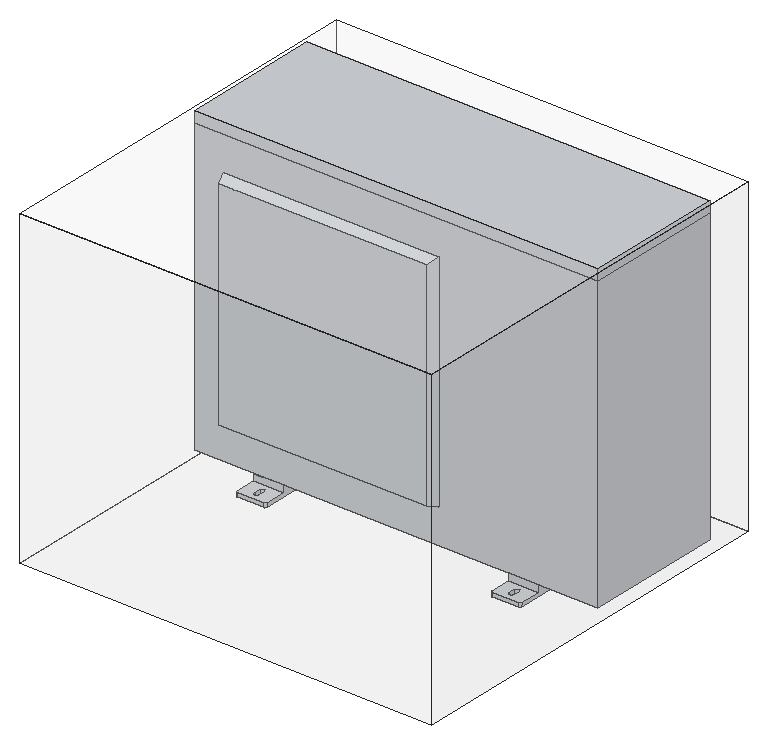
Revit family "puz-ermp80(s)ha_280ka11_60Hz", category 機械設備, Revit 2019
Family settings
  丸型コネクタ寸法 = 直径を使用
  パーツ タイプ = 標準
  OmniClass 番号 = 23.75.10.24.21.27.27
  OmniClass タイトル = Split System Air Conditioning Units
  作業面ベース = いいえ
  常に垂直 = はい
  ロード時にボイドで切り取り = いいえ
  共有 = いいえ
  部屋計算ポイント = いいえ
Parameters (values of type "PUZ-ERMP80SHA11")
  音響パワーレベル（冷）(dB) = 68
  音響パワーレベル(dB) = 70
  電源種別 = ""
  電源位置Y = 2 mm
  電源位置Z = 459 mm
  電源位置X = 275 mm
  電圧 = 200 V
  電動機出力_送風機 = 0.06 kW
  電動機出力_圧縮機 = 1.6 kW
  集中コントローラ [instance] = ""
  運転質量 = 0.00 kg
  運転方法 = "冷暖切替"
  質量 = if(製品質量 > 運転質量, 製品質量, 運転質量) * 1.2  # 70.80 kg
  負荷分類 = 1_熱源類
  説明 = "空冷H/P PAC インバータ室外機"
  設計暖房能力 [instance] = 0 kW
  設計冷房能力_顕熱 [instance] = 0 kW
  設計冷房能力 [instance] = 0 kW
  設置方法 = "床置形"
  記号 [instance] = ""
  製造元 = "三菱電機株式会社"
  製品質量 = 59.00 kg
  製品出荷対象 = "国内"
  製品リリース年月 = "2021年5月10日"
  製品グループ = ""
  系統 [instance] = ""
  符号 = "PAC"
  積算_科目 = "1 空気調和設備"
  積算_拾い区分 [instance] = ""
  相 = 1
  盤記号 [instance] = ""
  発停方法 = "付属スイッチ"
  特殊仕様 [instance] = ""
  消費電力_暖房 = 2.01 kW
  消費電力_冷房 = 1.98 kW
  消費電力 = if(消費電力_冷房 > 消費電力_暖房, 消費電力_冷房, 消費電力_暖房)  # 2.01 kW
  法定耐用年数 = "6"
  構成品番 = "PUZ-ERMP80SHA"
  極数 = 1
  材質 [instance] = ""
  本体マテリアル = none
  最小電線太さ_mm2 = 1.6
  最大電流値 = 0 A
  暖房能力 = 8 kW
  推奨ブレーカー容量 = 30 A
  据付ピッチ1 = 0 mm
  形式 = "パッケージ形 室外機"
  形名 = PUZ-ERMP-2 : PUZ-EREMP80
  幹線記号 [instance] = ""
  始動方式 = "インバータ始動方式"
  呼称 = "パッケージ形空気調和機_室外機"
  周波数 = 60 Hz
  価格 = 668000
  ドレン　位置Z = 23 mm
  ドレン　位置Y = 111 mm
  ドレン　位置X = 30 mm
  アンカーボルト位置Y = 370 mm
  アンカーボルト位置X = 600 mm
  参照している仕様書等のバージョン = "公共建築物標準仕様書（機械設備工事編）平成31年度版"
  分類コード = "50053003126100"
  分類グループ = ""
  冷房能力 = 7.1 kW
  冷媒管（ガス）位置X = 434 mm
  冷媒管（液）位置X = 377 mm
  冷媒管（液）位置Y = 290 mm
  冷媒管（ガス）位置Y = 229 mm
  冷媒管長 [instance] = 0 mm
  冷媒管径符号 = "Bd"
  冷媒管径 = 100.00 mm
  冷媒管位置Z = 295 mm
  冷媒管位置Y = (冷媒管（液）位置Y + 冷媒管（ガス）位置Y) / 2  # 259.5 mm
  冷媒管位置X = (冷媒管（液）位置X + 冷媒管（ガス）位置X) / 2  # 405.5 mm
  冷媒液管径 = 9.52 mm
  冷媒ガス管径 = 15.88 mm
  企業コード = "108420"
  付属品 [instance] = ""
  仕様書バージョン = "Version1.0"
  ユニット数 = 1
  ユニット3 = no
  ユニット2 = yes
  Model = ""
  ドレン管径 = 33.00 mm
  サービススペース = yes
  コメント [instance] = ""
  ケーブル種類1 = ""
  Width = 950 mm
  Version = ""
  Uniclass2015Version = "Systems v1.9"
  Uniclass2015Title = "Split coil remote air cooled condensing units"
  Uniclass2015Code = "Pr_70_65_03_84"
  URL = "https://www.mitsubishielectric.co.jp/ldg/wink/ssl/displayProduct.do?pid=311347"
  SpecificationReference = ""
  SpecificationDescription = ""
  Revision = ""
  ProductInformation = ""
  OmniClassCode = "23-33 17 13 11"
  IfcTypeProduct = ""
  IfcProduct = ""
  IfcExportType = "AIRCONDITIONINGUNIT"
  IfcExportAs = "IfcUnitaryEquipmentType"
  Height = 740 mm
  Depth = 330 mm
  Clearance Top = 0 mm
  Clearance Right = 10 mm
  Clearance Left = 10 mm
  Clearance Front = 500 mm
  Clearance Bottom = 0 mm
  Clearance Back = 100 mm
  COP = 0
  Author = "三菱電機株式会社"
  APF = 0
Reference planes
  plane 1 "中心(正面/背面)": y = 74
  plane 2: z = 0
  plane 3 "中心(左/右)": x = 830
  plane 4 "右": x = 1305
  plane 5 "左": x = 355
  plane 6 "背面": y = 239
  plane 7 "正面": y = -91
  plane 8 "上部": z = 740
  plane 9 "Clearanse Top": z = 740
  plane 10 "SS_back": y = 339
  plane 11 "SS_front": y = -591
  plane 12 "SS_left": x = 345
  plane 13 "SS_right": x = 1315
  plane 14: z = 0
  plane 15: y = -89
  plane 16: x = 1105
  plane 17: z = 459
  plane 18: y = -87
  plane 19: y = -20.5
  plane 20: x = 1235.5
  plane 21: z = 295
  plane 22: z = 297
  plane 23: y = 128
  plane 24: x = 385
  plane 25: z = 25
  plane 26: z = 23
  plane 27: x = 530
  plane 28: x = 1130
  plane 29: y = 259
  plane 30: y = -111
Forms (mm)
  Extrusion 1, solid, detail levels fine
    sketch origin (0, -91, 0) x (1, 0, 0) y (0, 0, 1)
      loop
        circle (1105, 459) r 13.5
    from -4 to -2
  Extrusion 2, solid, detail levels fine
    sketch origin (-1437.329, -1524, 54) x (-1, 0, 0) y (0, -1, 0)
      loop
        circle (-2672.829, -1503.5) r 50
    from 241 to 243
  Extrusion 3, solid, detail levels fine
    sketch origin (-1437.329, -1524, 54) x (-1, 0, 0) y (0, -1, 0)
      loop
        circle (-1822.329, -1652) r 16.5
    from -31 to -29
Lines and regions (mm)
  model lines, not visible
    curve 1: line (460, 178.667, 1289.179) -> (460, 297.73, 1289.179)
    curve 2: line (460, 178.667, 1056.056) -> (460, 178.667, 1289.179)
    curve 3: line (460, 297.73, 1056.056) -> (460, 178.667, 1056.056)
    curve 4: line (460, 297.73, 1289.179) -> (460, 297.73, 1056.056)
    curve 5: line (460, 47.598, 1289.179) -> (460, 166.661, 1289.179)
    curve 6: line (460, 47.598, 1056.056) -> (460, 47.598, 1289.179)
    curve 7: line (460, 166.661, 1056.056) -> (460, 47.598, 1056.056)
    curve 8: line (460, 166.661, 1289.179) -> (460, 166.661, 1056.056)
    curve 9: line (460, -83.471, 1289.179) -> (460, 35.592, 1289.179)
    curve 10: line (460, -83.471, 1056.056) -> (460, -83.471, 1289.179)
    curve 11: line (460, 35.592, 1056.056) -> (460, -83.471, 1056.056)
    curve 12: line (460, 35.592, 1289.179) -> (460, 35.592, 1056.056)
    curve 13: line (460, -150.779, 1289.179) -> (460, -95.75, 1289.179)
    curve 14: line (460, -150.779, 1056.056) -> (460, -150.779, 1289.179)
    curve 15: line (460, -95.75, 1056.056) -> (460, -150.779, 1056.056)
    curve 16: line (460, -95.75, 1289.179) -> (460, -95.75, 1056.056)
    curve 17: line (460, -150.779, 1283.175) -> (460, -132.596, 1283.175)
    curve 18: line (460, -150.779, 1062.059) -> (460, -150.779, 1283.175)
    curve 19: line (460, -132.596, 1062.059) -> (460, -150.779, 1062.059)
    curve 20: line (460, -132.596, 1283.175) -> (460, -132.596, 1062.059)
    curve 21: line (460, 178.667, 1046.051) -> (460, 297.73, 1046.051)
    curve 22: line (460, 178.667, 812.928) -> (460, 178.667, 1046.051)
    curve 23: line (460, 297.73, 812.928) -> (460, 178.667, 812.928)
    curve 24: line (460, 297.73, 1046.051) -> (460, 297.73, 812.928)
    curve 25: line (460, 47.598, 1046.051) -> (460, 166.661, 1046.051)
    curve 26: line (460, 47.598, 812.928) -> (460, 47.598, 1046.051)
    curve 27: line (460, 166.661, 812.928) -> (460, 47.598, 812.928)
    curve 28: line (460, 166.661, 1046.051) -> (460, 166.661, 812.928)
    curve 29: line (460, -83.471, 1046.051) -> (460, 35.592, 1046.051)
    curve 30: line (460, -83.471, 812.928) -> (460, -83.471, 1046.051)
    curve 31: line (460, 35.592, 812.928) -> (460, -83.471, 812.928)
    curve 32: line (460, 35.592, 1046.051) -> (460, 35.592, 812.928)
    curve 33: line (460, -150.779, 1046.051) -> (460, -95.75, 1046.051)
    curve 34: line (460, -150.779, 812.928) -> (460, -150.779, 1046.051)
    curve 35: line (460, -95.75, 812.928) -> (460, -150.779, 812.928)
    curve 36: line (460, -95.75, 1046.051) -> (460, -95.75, 812.928)
    curve 37: line (460, -150.779, 1040.048) -> (460, -132.596, 1040.048)
    curve 38: line (460, -150.779, 818.931) -> (460, -150.779, 1040.048)
    curve 39: line (460, -132.596, 818.931) -> (460, -150.779, 818.931)
    curve 40: line (460, -132.596, 1040.048) -> (460, -132.596, 818.931)
    curve 41: line (460, 178.667, 802.923) -> (460, 297.73, 802.923)
    curve 42: line (460, 178.667, 569.8) -> (460, 178.667, 802.923)
    curve 43: line (460, 297.73, 569.8) -> (460, 178.667, 569.8)
    curve 44: line (460, 297.73, 802.923) -> (460, 297.73, 569.8)
    curve 45: line (460, 47.598, 802.923) -> (460, 166.661, 802.923)
    curve 46: line (460, 47.598, 569.8) -> (460, 47.598, 802.923)
    curve 47: line (460, 166.661, 569.8) -> (460, 47.598, 569.8)
    curve 48: line (460, 166.661, 802.923) -> (460, 166.661, 569.8)
    curve 49: line (460, -83.471, 802.923) -> (460, 35.592, 802.923)
    curve 50: line (460, -83.471, 569.8) -> (460, -83.471, 802.923)
    curve 51: line (460, 35.592, 569.8) -> (460, -83.471, 569.8)
    curve 52: line (460, 35.592, 802.923) -> (460, 35.592, 569.8)
    curve 53: line (460, -150.779, 802.923) -> (460, -95.75, 802.923)
    curve 54: line (460, -150.779, 569.8) -> (460, -150.779, 802.923)
    curve 55: line (460, -95.75, 569.8) -> (460, -150.779, 569.8)
    curve 56: line (460, -95.75, 802.923) -> (460, -95.75, 569.8)
    curve 57: line (460, -150.779, 796.92) -> (460, -132.596, 796.92)
    curve 58: line (460, -150.779, 575.803) -> (460, -150.779, 796.92)
    curve 59: line (460, -132.596, 575.803) -> (460, -150.779, 575.803)
    curve 60: line (460, -132.596, 796.92) -> (460, -132.596, 575.803)
    curve 61: line (460, 178.667, 559.795) -> (460, 297.73, 559.795)
    curve 62: line (460, 178.667, 326.672) -> (460, 178.667, 559.795)
    curve 63: line (460, 297.73, 326.672) -> (460, 178.667, 326.672)
    curve 64: line (460, 297.73, 559.795) -> (460, 297.73, 326.672)
    curve 65: line (460, 47.598, 559.795) -> (460, 166.661, 559.795)
    curve 66: line (460, 47.598, 326.672) -> (460, 47.598, 559.795)
    curve 67: line (460, 166.661, 326.672) -> (460, 47.598, 326.672)
    curve 68: line (460, 166.661, 559.795) -> (460, 166.661, 326.672)
    curve 69: line (460, -83.471, 559.795) -> (460, 35.592, 559.795)
    curve 70: line (460, -83.471, 326.672) -> (460, -83.471, 559.795)
    curve 71: line (460, 35.592, 326.672) -> (460, -83.471, 326.672)
    curve 72: line (460, 35.592, 559.795) -> (460, 35.592, 326.672)
    curve 73: line (460, -150.779, 559.795) -> (460, -95.75, 559.795)
    curve 74: line (460, -150.779, 326.672) -> (460, -150.779, 559.795)
    curve 75: line (460, -95.75, 326.672) -> (460, -150.779, 326.672)
    curve 76: line (460, -95.75, 559.795) -> (460, -95.75, 326.672)
    curve 77: line (460, -150.779, 553.792) -> (460, -132.596, 553.792)
    curve 78: line (460, -150.779, 332.675) -> (460, -150.779, 553.792)
    curve 79: line (460, -132.596, 332.675) -> (460, -150.779, 332.675)
    curve 80: line (460, -132.596, 553.792) -> (460, -132.596, 332.675)
    curve 81: line (460, 178.667, 316.667) -> (460, 297.73, 316.667)
    curve 82: line (460, 178.667, 83.544) -> (460, 178.667, 316.667)
    curve 83: line (460, 297.73, 83.544) -> (460, 178.667, 83.544)
    curve 84: line (460, 297.73, 316.667) -> (460, 297.73, 83.544)
    curve 85: line (460, 47.598, 316.667) -> (460, 166.661, 316.667)
    curve 86: line (460, 47.598, 83.544) -> (460, 47.598, 316.667)
    curve 87: line (460, 166.661, 83.544) -> (460, 47.598, 83.544)
    curve 88: line (460, 166.661, 316.667) -> (460, 166.661, 83.544)
    curve 89: line (460, -83.471, 316.667) -> (460, 35.592, 316.667)
    curve 90: line (460, -83.471, 83.544) -> (460, -83.471, 316.667)
    curve 91: line (460, 35.592, 83.544) -> (460, -83.471, 83.544)
    curve 92: line (460, 35.592, 316.667) -> (460, 35.592, 83.544)
    curve 93: line (460, -150.779, 316.667) -> (460, -95.75, 316.667)
    curve 94: line (460, -150.779, 83.544) -> (460, -150.779, 316.667)
    curve 95: line (460, -95.75, 83.544) -> (460, -150.779, 83.544)
    curve 96: line (460, -95.75, 316.667) -> (460, -95.75, 83.544)
    curve 97: line (460, -150.779, 310.664) -> (460, -132.596, 310.664)
    curve 98: line (460, -150.779, 89.547) -> (460, -150.779, 310.664)
    curve 99: line (460, -132.596, 89.547) -> (460, -150.779, 89.547)
    curve 100: line (460, -132.596, 310.664) -> (460, -132.596, 89.547)
Dimensions and locks
  equal spacing: plane 7 "正面", plane 1 "中心(正面/背面)", plane 6 "背面"
  "Depth": plane 7 "正面" to plane 6 "背面"
  "Width": plane 5 "左" to plane 4 "右"
  equal spacing: plane 5 "左", plane 3 "中心(左/右)", plane 4 "右"
  "Clearance Left": plane 12 "SS_left" to plane 5 "左"
  "Clearance Right": plane 4 "右" to plane 13 "SS_right"
  "Clearance Back": plane 6 "背面" to plane 10 "SS_back"
  "Clearance Front": plane 11 "SS_front" to plane 7 "正面"
  "Height": plane 8 "上部" to level
  "Clearance Top": plane 9 "Clearanse Top" to plane 8 "上部"
  "Clearance Bottom": level to plane 14
  "電源位置X": plane 3 "中心(左/右)" to plane 16
  "電源位置Y": plane 7 "正面" to plane 15
  "電源位置Z": plane 17 to level
  locked: plane 15 to plane 18 at 2
  "冷媒管位置X": plane 3 "中心(左/右)" to plane 20
  "冷媒管位置Y": plane 19 to plane 6 "背面"
  "冷媒管位置Z": plane 21 to level
  locked: plane 22 to plane 21 at 2
  "ドレン　位置X": plane 5 "左" to plane 24
  "ドレン　位置Y": plane 23 to plane 6 "背面"
  locked: plane 25 to plane 26 at 2
  "ドレン　位置Z": plane 26 to level
  equal spacing: plane 30, plane 1 "中心(正面/背面)", plane 29
  "アンカーボルト位置Y": plane 30 to plane 29
  equal spacing: plane 27, plane 3 "中心(左/右)", plane 28
  "アンカーボルト位置X": plane 27 to plane 28
  radius of Extrusion 1 sketch curve = 13.5 mm
  "冷媒管径": diameter of Extrusion 2 sketch curve
  "ドレン管径": diameter of Extrusion 3 sketch curve
  aligned and locked: level to plane 2
  aligned and locked: plane 10 "SS_back" to nested 1  (x2)
  aligned and locked: plane 13 "SS_right" to nested 1
  aligned and locked: plane 12 "SS_left" to nested 1  (x2)
  aligned and locked: nested 1 to plane 13 "SS_right"
  aligned and locked: plane 11 "SS_front" to nested 1
  aligned and locked: plane 9 "Clearanse Top" to nested 1
  aligned and locked: plane 1 "中心(正面/背面)" to nested 2
  aligned and locked: plane 3 "中心(左/右)" to nested 2
  aligned and locked: plane 14 to nested 1
  aligned and locked: plane 17 to Extrusion 1 sketch curve
  aligned and locked: plane 16 to Extrusion 1 sketch curve
  aligned and locked: Extrusion 1 to plane 18
  aligned and locked: plane 15 to Extrusion 1
  aligned and locked: plane 19 to Extrusion 2 sketch curve
  aligned and locked: plane 20 to Extrusion 2 sketch curve
  aligned and locked: plane 22 to Extrusion 2
  aligned and locked: Extrusion 2 to plane 21
  aligned and locked: plane 24 to Extrusion 3 sketch curve
  aligned and locked: plane 23 to Extrusion 3 sketch curve
  aligned and locked: plane 25 to Extrusion 3
  aligned and locked: Extrusion 3 to plane 26
  aligned and locked: plane 27 to nested 3
  aligned and locked: plane 29 to nested 3
Nested families
  nested 1: "サービススペース" at (830, -126, 370), visible <- "サービススペース", type "サービススペース"
    with Width 970 mm, Height 740 mm, Depth 930 mm
  nested 2: "PUZ-ERMP-2" at (830, 74, 0), type <- "形名", type "PUZ-EREMP80"
  nested 3: "固定点" at (530, -111, 0), type "固定点"
    with W 600 mm, D 370 mm
Connectors
  piping at (1235.5, -20.5, 295), diameter 100, driven by "冷媒管径", driven by "冷媒管径符号"
    settings: on Extrusion 2, index 1, connector inside diameter 609.60 mm, connector length 0 mm, flow factor 0, pipe flow 0.0 L/s, pressure drop 0.0 Pa, fitting loss kfactor 0, connector angle 0.00°, fixture units 0, engagement length 0 mm, angle of deflection 0.00°, flow configuration 1, flow direction 2, fitting loss method 4, system type 7, joint type 0, gender type 0, connector reference index -1, connector utility 0, adjustable connector no, is connector primary yes, connector description "Bd"
  electrical at (1105, -89, 459), driven by "極数", driven by "負荷分類", driven by "電圧", driven by "消費電力"
    settings: on Extrusion 1, index 2, voltage 200 V, apparent load 2010 VA, apparent load phase1 0 VA, apparent load phase2 0 VA, apparent load phase3 0 VA, power factor 1, load classification "1_熱源類", number of poles 1, system type 30, power factor state 1, is connector primary yes, connector utility no, sub classification motor no, connector description ""
Definition of nested family "サービススペース"
  Parameters (values of type "サービススペース")
    Width [instance] = 500 mm
    Height [instance] = 500 mm
    Depth [instance] = 500 mm
  Reference planes
    plane 1 "中心(正面/背面)": y = 0
    plane 2: z = 0
    plane 3 "中心(左/右)": x = 0
    plane 4: y = -250
    plane 5: x = 250
    plane 6: y = 250
    plane 7: x = -250
    plane 8: z = 250
    plane 9: z = -250
  Forms (mm)
    Extrusion 1, solid
      sketch origin (-638.939, 0, 72.39) x (1, 0, 0) y (0, 1, 0)
        loop
          line (388.939, 250) -> (388.939, -250) -> (888.939, -250) -> (888.939, 250) -> (388.939, 250)
      from -322.39 to 177.61
  Lines and regions (mm)
    symbolic lines
      curve 1: line (-250, 0, 250) -> (250, 0, 250)
      curve 2: line (-250, 0, -250) -> (-250, 0, 250)
      curve 3: line (250, 0, -250) -> (-250, 0, -250)
      curve 4: line (250, 0, 250) -> (250, 0, -250)
      curve 5: line (0, -250, 250) -> (0, 250, 250)
      curve 6: line (0, -250, -250) -> (0, -250, 250)
      curve 7: line (0, 250, -250) -> (0, -250, -250)
      curve 8: line (0, 250, 250) -> (0, 250, -250)
      curve 9: line (-250, 250, 0) -> (250, 250, 0)
      curve 10: line (-250, -250, 0) -> (-250, 250, 0)
      curve 11: line (250, -250, 0) -> (-250, -250, 0)
      curve 12: line (250, 250, 0) -> (250, -250, 0)
  Dimensions and locks
    equal spacing: plane 7, plane 3 "中心(左/右)", plane 5
    equal spacing: plane 4, plane 1 "中心(正面/背面)", plane 6
    "Depth": plane 4 to plane 6
    "Width": plane 7 to plane 5
    equal spacing: plane 8, plane 2, plane 9
    "Height": plane 8 to plane 9
    aligned and locked: plane 9 to curve 3
    aligned and locked: plane 7 to curve 2
    aligned and locked: curve 4 to plane 5
    aligned and locked: plane 5 to Extrusion 1
    aligned and locked: Extrusion 1 to plane 7
    aligned and locked: Extrusion 1 to plane 9
    aligned and locked: plane 8 to Extrusion 1
    aligned and locked: plane 9 to curve 7
  Automatic sketch dimensions
    plane 4 to Extrusion 1 sketch curve = 0 mm
    Extrusion 1 sketch curve to plane 7 = 0 mm
    Extrusion 1 sketch curve to plane 5 = 0 mm
    plane 6 to Extrusion 1 sketch curve = 0 mm
    curve 2 to plane 8 = 0 mm
    plane 4 to curve 11 = 0 mm
    curve 11 to plane 7 = 0 mm
    curve 11 to plane 5 = 0 mm
    plane 6 to curve 10 = 0 mm
    curve 7 to plane 4 = 0 mm
    curve 7 to plane 6 = 0 mm
    curve 6 to plane 8 = 0 mm
Definition of nested family "PUZ-ERMP-2"
  Parameters (values of type "PUZ-EREMP80")
    配線取出口サイズ = 27 mm
    配線取出口-Z = 459 mm
    配線取出口-Y = 325 mm
    配線取出口-X = 275 mm
    液配管サイズ = 100 mm
    高さ = 740 mm
    換気-W = 322 mm
    換気-H2 = 632 mm
    換気-H1 = 371 mm
    換気-D = 25 mm
    奥行き = 330 mm
    吊りボルト_H = 0 mm
    吊りボルト-φ = 12 mm
    冷媒配管サイズ = 9.52 mm
    冷媒液管径-Z = 295 mm
    冷媒液管径-Y = 290 mm
    冷媒液管径-X = 377 mm
    冷媒ガス管径-Z = 281 mm
    冷媒ガス管径-Y = 229 mm
    冷媒ガス管径-X = 434 mm
    吊りボルト-W = 600 mm
    マテリアル = none
    ドレン配管サイズ = 33 mm
    ドレン管径-Z = 0 mm
    ドレン管径-Y = 219 mm
    ドレン管径-X = 445 mm
    タイプ3 = no
    タイプ2 = yes
    タイプ1 = no
    ガス配管サイズ = 15.88 mm
    吊りボルト-D = 370 mm
    幅さ = 950 mm
    a = 幅さ / 2  # 475 mm
  Reference planes
    plane 1 "中心(正面/背面)": y = 0
    plane 2: z = 0
    plane 3 "中心(左/右)": x = 0
    plane 4: z = 740
    plane 5: x = -475
    plane 6: x = 475
    plane 7: y = 165
    plane 8: y = -165
    plane 9: x = 537
    plane 10: y = -105
    plane 11: y = 5
    plane 12: z = 715
    plane 13: x = -495
    plane 14: x = -300
    plane 15: x = 300
    plane 16: y = 185
    plane 17: y = -185
    plane 18: x = 335
    plane 19: x = 265
    plane 20: x = -265
    plane 21: x = -335
    plane 22: y = 204
    plane 23: y = -218
    plane 24: z = 8.5
    plane 25: z = 25
    plane 26: z = 23
    plane 27: x = -185
    plane 28: x = 170
    plane 29: z = 735
    plane 30: y = -40
    plane 31: y = 40
    plane 32: y = -30
    plane 33: y = 30
    plane 34: z = 720
    plane 35: z = 55
    plane 36: z = 225
    plane 37: z = 570
    plane 38: x = 485
    plane 39: x = 506
    plane 40: y = -190
    plane 41: x = -153
    plane 42: z = 371
    plane 43: x = 101
    plane 44: x = -407
    plane 45: z = 635
    plane 46: z = 107
    plane 47: x = -397
    plane 48: x = 91
    plane 49: z = 625
    plane 50: z = 117
    plane 51: y = 115
    plane 52: y = -115
    plane 53: y = 54
    plane 54: x = 434
    plane 55: x = 275
    plane 56: y = -160
    plane 57: y = -125
    plane 58: y = -64
    plane 59: x = 377
    plane 60: z = 281
    plane 61: z = 295
    plane 62: z = 459
    plane 63: y = -110
    plane 64: z = 381
    plane 65: z = 395
    plane 66: x = 405.5
    plane 67: y = -94.5
    plane 68 "グループ": x = -475
    plane 69: z = 1338
    plane 70: z = 943
    plane 71: z = 1003
    plane 72: z = 1267
    plane 73: z = 739
    plane 74: z = 1257
    plane 75: z = 749
    plane 76: x = -445
    plane 77: y = 135
    plane 78: x = -225
    plane 79: x = -80
    plane 80: x = 65
    plane 81: x = 210
  Forms (mm)
    Extrusion 1, solid, visible <- "タイプ2", detail levels fine
      sketch origin (-1437.329, -1524, 740) x (-1, 0, 0) y (0, -1, 0)
        loop
          line (-1102.329, -1689) -> (-1102.329, -1359) -> (-1172.329, -1359) -> (-1172.329, -1689) -> (-1102.329, -1689)
        loop
          line (-1702.329, -1689) -> (-1702.329, -1359) -> (-1772.329, -1359) -> (-1772.329, -1689) -> (-1702.329, -1689)
      from -740 to -715
    Extrusion 2, solid, material <- "マテリアル", visible <- "タイプ2", detail levels fine
      sketch origin (-1437.329, -1524, 740) x (-1, 0, 0) y (0, -1, 0)
        loop
          line (-1912.329, -1689) -> (-962.329, -1689) -> (-962.329, -1359) -> (-1912.329, -1359) -> (-1912.329, -1689)
      from -715 to -25
    Extrusion 3, solid, material <- "マテリアル", visible <- "タイプ2", detail levels fine
      sketch origin (-1437.329, -1524, 740) x (-1, 0, 0) y (0, -1, 0)
        loop
          line (-962.329, -1689) -> (-962.329, -1359) -> (-1912.329, -1359) -> (-1912.329, -1689) -> (-962.329, -1689)
      from -25 to 0
    Blend 4, solid, material <- "マテリアル", visible <- "タイプ2", detail levels fine
      base sketch origin (0, 0, 0) x (1, 0, 0) y (0, 0, 1)
        loop
          line (-407, 635) -> (-407, 107) -> (101, 107) -> (101, 635) -> (-407, 635)
      top sketch origin (0, 0, 0) x (1, 0, 0) y (0, 0, 1)
        loop
          line (-397, 625) -> (-397, 117) -> (91, 117) -> (91, 625) -> (-397, 625)
      from 165 to 190
    Extrusion 5, solid, material <- "マテリアル", visible <- "タイプ2", detail levels fine
      sketch origin (-1437.329, -1524, 740) x (-1, 0, 0) y (0, -1, 0)
        loop
          circle (-1871.329, -1460) r 7.94
      from -459 to -359
    Extrusion 6, solid, material <- "マテリアル", visible <- "タイプ2", detail levels fine
      sketch origin (-1437.329, -1524, 740) x (-1, 0, 0) y (0, -1, 0)
        loop
          circle (-1814.329, -1399) r 4.76
      from -445 to -345
    Extrusion 7, solid, material <- "マテリアル", visible <- "タイプ2", detail levels fine
      sketch origin (1480.036, -190, 1200) x (1, 0, 0) y (0, 0, 1)
        loop
          circle (-1205.036, -741) r 13.5
      from -80 to -30
    Extrusion 8, solid, material <- "マテリアル", visible <- "タイプ2", detail levels fine
      sketch origin (-1437.329, -1524, 740) x (-1, 0, 0) y (0, -1, 0)
        loop
          circle (-1842.829, -1429.5) r 50
      from -445 to -345
    Extrusion 9, solid, visible <- "タイプ2", detail levels fine
      sketch origin (-1437.329, -1524, 740) x (-1, 0, 0) y (0, -1, 0)
        loop
          line (-1102.329, -1728) -> (-1102.329, -1689) -> (-1172.329, -1689) -> (-1172.329, -1728) -> (-1143.329, -1728) -> (-1143.329, -1709)
          arc (-1143.329, -1709) -> (-1137.329, -1703) -> (-1131.329, -1709) r 6
          line (-1131.329, -1709) -> (-1131.329, -1728) -> (-1102.329, -1728)
        loop
          line (-1102.329, -1359) -> (-1102.329, -1311)
          arc (-1102.329, -1311) -> (-1103.794, -1307.464) -> (-1107.329, -1306) r 5
          line (-1107.329, -1306) -> (-1167.329, -1306)
          arc (-1167.329, -1306) -> (-1170.865, -1307.464) -> (-1172.329, -1311) r 5
          line (-1172.329, -1311) -> (-1172.329, -1359) -> (-1102.329, -1359)
        loop
          arc (-1143.329, -1339) -> (-1137.329, -1345) -> (-1131.329, -1339) r 6
          line (-1131.329, -1339) -> (-1131.329, -1324)
          arc (-1131.329, -1324) -> (-1137.329, -1318) -> (-1143.329, -1324) r 6
          line (-1143.329, -1324) -> (-1143.329, -1339)
        loop
          line (-1772.329, -1728) -> (-1743.329, -1728) -> (-1743.329, -1709)
          arc (-1743.329, -1709) -> (-1737.329, -1703) -> (-1731.329, -1709) r 6
          line (-1731.329, -1709) -> (-1731.329, -1728) -> (-1702.329, -1728) -> (-1702.329, -1689) -> (-1772.329, -1689) -> (-1772.329, -1728)
        loop
          line (-1772.329, -1359) -> (-1702.329, -1359) -> (-1702.329, -1311)
          arc (-1702.329, -1311) -> (-1703.794, -1307.464) -> (-1707.329, -1306) r 5
          line (-1707.329, -1306) -> (-1767.329, -1306)
          arc (-1767.329, -1306) -> (-1770.865, -1307.464) -> (-1772.329, -1311) r 5
          line (-1772.329, -1311) -> (-1772.329, -1359)
        loop
          line (-1731.329, -1339) -> (-1731.329, -1324)
          arc (-1731.329, -1324) -> (-1737.329, -1318) -> (-1743.329, -1324) r 6
          line (-1743.329, -1324) -> (-1743.329, -1339)
          arc (-1743.329, -1339) -> (-1737.329, -1345) -> (-1731.329, -1339) r 6
      from -740 to -731.5
    Extrusion 10, solid, material <- "マテリアル", visible <- "タイプ2", detail levels fine
      sketch origin (-1437.329, -1524, 740) x (-1, 0, 0) y (0, -1, 0)
        loop
          circle (-992.329, -1578) r 16.5
        loop
          circle (-1212.329, -1659) r 16.5
        loop
          circle (-1357.329, -1659) r 16.5
        loop
          circle (-1502.329, -1659) r 16.5
        loop
          circle (-1647.329, -1659) r 16.5
      from -717 to -715
  Cuts and joins
    joined: Extrusion 1, Extrusion 9
  Lines and regions (mm)
    Masking region 1, visible <- "タイプ2", detail levels coarse+medium
      outline origin (-1437.329, -1524, 740) x (-1, 0, 0) y (0, -1, 0)
        loop
          line (-1912.329, -1689) -> (-1772.329, -1689) -> (-1772.329, -1728) -> (-1702.329, -1728) -> (-1702.329, -1689) -> (-1172.329, -1689) -> (-1172.329, -1728) -> (-1102.329, -1728) -> (-1102.329, -1689) -> (-962.329, -1689) -> (-962.329, -1359) -> (-1030.329, -1359) -> (-1040.329, -1334) -> (-1102.329, -1334) -> (-1102.329, -1306) -> (-1172.329, -1306) -> (-1172.329, -1334) -> (-1528.329, -1334) -> (-1538.329, -1359) -> (-1702.329, -1359) -> (-1702.329, -1306) -> (-1772.329, -1306) -> (-1772.329, -1359) -> (-1912.329, -1359) -> (-1912.329, -1689)
    model lines, visible <- "タイプ2", detail levels fine
      curve 1: line (-397, -190, 418.5) -> (91, -190, 418.5)
      curve 2: line (91, -190, 323.5) -> (-397, -190, 323.5)
      curve 3: line (-397, -190, 513.5) -> (91, -190, 513.5)
      curve 4: line (-397, -190, 608.5) -> (91, -190, 608.5)
      curve 5: line (91, -190, 228.5) -> (-397, -190, 228.5)
      curve 6: line (91, -190, 133.5) -> (-397, -190, 133.5)
      curve 7: line (-379.571, -190, 625) -> (-379.571, -190, 117)
      curve 8: line (73.571, -190, 117) -> (73.571, -190, 625)
      curve 9: line (-362.143, -190, 625) -> (-362.143, -190, 117)
      curve 10: line (-344.714, -190, 625) -> (-344.714, -190, 117)
      curve 11: line (-327.286, -190, 625) -> (-327.286, -190, 117)
      curve 12: line (-309.857, -190, 625) -> (-309.857, -190, 117)
      curve 13: line (-292.429, -190, 625) -> (-292.429, -190, 117)
      curve 14: line (-275, -190, 625) -> (-275, -190, 117)
      curve 15: line (-257.571, -190, 625) -> (-257.571, -190, 117)
      curve 16: line (-240.143, -190, 625) -> (-240.143, -190, 117)
      curve 17: line (-222.714, -190, 625) -> (-222.714, -190, 117)
      curve 18: line (-205.286, -190, 625) -> (-205.286, -190, 117)
      curve 19: line (-187.857, -190, 625) -> (-187.857, -190, 117)
      curve 20: line (-170.429, -190, 625) -> (-170.429, -190, 117)
      curve 21: line (-153, -190, 625) -> (-153, -190, 117)
      curve 22: line (-135.571, -190, 625) -> (-135.571, -190, 117)
      curve 23: line (-118.143, -190, 625) -> (-118.143, -190, 117)
      curve 24: line (-100.714, -190, 625) -> (-100.714, -190, 117)
      curve 25: line (-83.286, -190, 625) -> (-83.286, -190, 117)
      curve 26: line (-65.857, -190, 625) -> (-65.857, -190, 117)
      curve 27: line (-48.429, -190, 625) -> (-48.429, -190, 117)
      curve 28: line (-31, -190, 625) -> (-31, -190, 117)
      curve 29: line (-13.571, -190, 625) -> (-13.571, -190, 117)
      curve 30: line (3.857, -190, 625) -> (3.857, -190, 117)
      curve 31: line (21.286, -190, 625) -> (21.286, -190, 117)
      curve 32: line (38.714, -190, 625) -> (38.714, -190, 117)
      curve 33: line (56.143, -190, 625) -> (56.143, -190, 117)
    model lines, visible <- "タイプ3", not visible
      curve 34: line (-404.5, -100, 907) -> (-404.5, -60, 907)
      curve 35: line (-404.5, -100, 1097) -> (-404.5, -100, 907)
      curve 36: line (-404.5, -60, 1097) -> (-404.5, -100, 1097)
      curve 37: line (-404.5, -60, 907) -> (-404.5, -60, 1097)
      curve 38: line (-404.5, 60, 907) -> (-404.5, 100, 907)
      curve 39: line (-404.5, 60, 1097) -> (-404.5, 60, 907)
      curve 40: line (-404.5, 100, 1097) -> (-404.5, 60, 1097)
      curve 41: line (-404.5, 100, 907) -> (-404.5, 100, 1097)
      curve 42: line (-404.5, -46.667, 907) -> (-404.5, -6.667, 907)
      curve 43: line (-404.5, -46.667, 1097) -> (-404.5, -46.667, 907)
      curve 44: line (-404.5, -6.667, 1097) -> (-404.5, -46.667, 1097)
      curve 45: line (-404.5, -6.667, 907) -> (-404.5, -6.667, 1097)
      curve 46: line (-404.5, 6.667, 907) -> (-404.5, 46.667, 907)
      curve 47: line (-404.5, 6.667, 1097) -> (-404.5, 6.667, 907)
      curve 48: line (-404.5, 46.667, 1097) -> (-404.5, 6.667, 1097)
      curve 49: line (-404.5, 46.667, 907) -> (-404.5, 46.667, 1097)
      curve 50: line (-404.5, -100, 1112) -> (-404.5, -60, 1112)
      curve 51: line (-404.5, -100, 1302) -> (-404.5, -100, 1112)
      curve 52: line (-404.5, -60, 1302) -> (-404.5, -100, 1302)
      curve 53: line (-404.5, -60, 1112) -> (-404.5, -60, 1302)
      curve 54: line (-404.5, 60, 1112) -> (-404.5, 100, 1112)
      curve 55: line (-404.5, 60, 1302) -> (-404.5, 60, 1112)
      curve 56: line (-404.5, 100, 1302) -> (-404.5, 60, 1302)
      curve 57: line (-404.5, 100, 1112) -> (-404.5, 100, 1302)
      curve 58: line (-404.5, -46.667, 1112) -> (-404.5, -6.667, 1112)
      curve 59: line (-404.5, -46.667, 1302) -> (-404.5, -46.667, 1112)
      curve 60: line (-404.5, -6.667, 1302) -> (-404.5, -46.667, 1302)
      curve 61: line (-404.5, -6.667, 1112) -> (-404.5, -6.667, 1302)
      curve 62: line (-404.5, 6.667, 1112) -> (-404.5, 46.667, 1112)
      curve 63: line (-404.5, 6.667, 1302) -> (-404.5, 6.667, 1112)
      curve 64: line (-404.5, 46.667, 1302) -> (-404.5, 6.667, 1302)
      curve 65: line (-404.5, 46.667, 1112) -> (-404.5, 46.667, 1302)
    model lines, visible <- "タイプ2", not visible
      curve 66: line (-600, -100, 33.5) -> (-600, -60, 33.5)
      curve 67: line (-600, -100, 73.5) -> (-600, -100, 33.5)
      curve 68: line (-600, -60, 73.5) -> (-600, -100, 73.5)
      curve 69: line (-600, -60, 33.5) -> (-600, -60, 73.5)
      curve 70: line (-600, 60, 33.5) -> (-600, 100, 33.5)
      curve 71: line (-600, 60, 73.5) -> (-600, 60, 33.5)
      curve 72: line (-600, 100, 73.5) -> (-600, 60, 73.5)
      curve 73: line (-600, 100, 33.5) -> (-600, 100, 73.5)
      curve 74: line (-509, -46.667, 33.5) -> (-509, -6.667, 33.5)
      curve 75: line (-509, -46.667, 73.5) -> (-509, -46.667, 33.5)
      curve 76: line (-509, -6.667, 73.5) -> (-509, -46.667, 73.5)
      curve 77: line (-509, -6.667, 33.5) -> (-509, -6.667, 73.5)
      curve 78: line (-509, 6.667, 33.5) -> (-509, 46.667, 33.5)
      curve 79: line (-509, 6.667, 73.5) -> (-509, 6.667, 33.5)
      curve 80: line (-509, 46.667, 73.5) -> (-509, 6.667, 73.5)
      curve 81: line (-509, 46.667, 33.5) -> (-509, 46.667, 73.5)
    model lines, visible <- "タイプ2", not visible, detail levels fine
      curve 82: line (-475, -100, 87) -> (-475, -60, 87)
      curve 83: line (-475, -100, 277) -> (-475, -100, 87)
      curve 84: line (-475, -60, 277) -> (-475, -100, 277)
      curve 85: line (-475, -60, 87) -> (-475, -60, 277)
      curve 86: line (-475, -100, 292) -> (-475, -60, 292)
      curve 87: line (-475, -100, 482) -> (-475, -100, 292)
      curve 88: line (-475, -60, 482) -> (-475, -100, 482)
      curve 89: line (-475, -60, 292) -> (-475, -60, 482)
      curve 90: line (-475, -100, 497) -> (-475, -60, 497)
      curve 91: line (-475, -100, 687) -> (-475, -100, 497)
      curve 92: line (-475, -60, 687) -> (-475, -100, 687)
      curve 93: line (-475, -60, 497) -> (-475, -60, 687)
      curve 94: line (-475, -100, 702) -> (-475, -60, 702)
      curve 95: line (-475, -100, 892) -> (-475, -100, 702)
      curve 96: line (-475, -60, 892) -> (-475, -100, 892)
      curve 97: line (-475, -60, 702) -> (-475, -60, 892)
      curve 98: line (-475, 60, 87) -> (-475, 100, 87)
      curve 99: line (-475, 60, 277) -> (-475, 60, 87)
      curve 100: line (-475, 100, 277) -> (-475, 60, 277)
      curve 101: line (-475, 100, 87) -> (-475, 100, 277)
      curve 102: line (-475, -46.667, 87) -> (-475, -6.667, 87)
      curve 103: line (-475, -46.667, 277) -> (-475, -46.667, 87)
      curve 104: line (-475, -6.667, 277) -> (-475, -46.667, 277)
      curve 105: line (-475, -6.667, 87) -> (-475, -6.667, 277)
      curve 106: line (-475, 6.667, 87) -> (-475, 46.667, 87)
      curve 107: line (-475, 6.667, 277) -> (-475, 6.667, 87)
      curve 108: line (-475, 46.667, 277) -> (-475, 6.667, 277)
      curve 109: line (-475, 46.667, 87) -> (-475, 46.667, 277)
      curve 110: line (-475, 60, 292) -> (-475, 100, 292)
      curve 111: line (-475, 60, 482) -> (-475, 60, 292)
      curve 112: line (-475, 100, 482) -> (-475, 60, 482)
      curve 113: line (-475, 100, 292) -> (-475, 100, 482)
      curve 114: line (-475, 60, 702) -> (-475, 100, 702)
      curve 115: line (-475, 60, 892) -> (-475, 60, 702)
      curve 116: line (-475, 100, 892) -> (-475, 60, 892)
      curve 117: line (-475, 100, 702) -> (-475, 100, 892)
      curve 118: line (-475, -46.667, 292) -> (-475, -6.667, 292)
      curve 119: line (-475, -46.667, 482) -> (-475, -46.667, 292)
      curve 120: line (-475, -6.667, 482) -> (-475, -46.667, 482)
      curve 121: line (-475, -6.667, 292) -> (-475, -6.667, 482)
      curve 122: line (-475, -46.667, 497) -> (-475, -6.667, 497)
      curve 123: line (-475, -46.667, 687) -> (-475, -46.667, 497)
      curve 124: line (-475, -6.667, 687) -> (-475, -46.667, 687)
      curve 125: line (-475, -6.667, 497) -> (-475, -6.667, 687)
      curve 126: line (-475, -46.667, 702) -> (-475, -6.667, 702)
      curve 127: line (-475, -46.667, 892) -> (-475, -46.667, 702)
      curve 128: line (-475, -6.667, 892) -> (-475, -46.667, 892)
      curve 129: line (-475, -6.667, 702) -> (-475, -6.667, 892)
      curve 130: line (-475, 6.667, 292) -> (-475, 46.667, 292)
      curve 131: line (-475, 6.667, 482) -> (-475, 6.667, 292)
      curve 132: line (-475, 46.667, 482) -> (-475, 6.667, 482)
      curve 133: line (-475, 46.667, 292) -> (-475, 46.667, 482)
      curve 134: line (-475, 6.667, 497) -> (-475, 46.667, 497)
      curve 135: line (-475, 6.667, 687) -> (-475, 6.667, 497)
      curve 136: line (-475, 46.667, 687) -> (-475, 6.667, 687)
      curve 137: line (-475, 46.667, 497) -> (-475, 46.667, 687)
      curve 138: line (-475, 6.667, 702) -> (-475, 46.667, 702)
      curve 139: line (-475, 6.667, 892) -> (-475, 6.667, 702)
      curve 140: line (-475, 46.667, 892) -> (-475, 6.667, 892)
      curve 141: line (-475, 46.667, 702) -> (-475, 46.667, 892)
      curve 175: line (-475, -100, 33.5) -> (-475, -60, 33.5)
      curve 176: line (-475, -100, 73.5) -> (-475, -100, 33.5)
      curve 177: line (-475, -60, 73.5) -> (-475, -100, 73.5)
      curve 178: line (-475, -60, 33.5) -> (-475, -60, 73.5)
      curve 179: line (-475, 60, 33.5) -> (-475, 100, 33.5)
      curve 180: line (-475, 60, 73.5) -> (-475, 60, 33.5)
      curve 181: line (-475, 100, 73.5) -> (-475, 60, 73.5)
      curve 182: line (-475, 100, 33.5) -> (-475, 100, 73.5)
      curve 183: line (-475, -46.667, 33.5) -> (-475, -6.667, 33.5)
      curve 184: line (-475, -46.667, 73.5) -> (-475, -46.667, 33.5)
      curve 185: line (-475, -6.667, 73.5) -> (-475, -46.667, 73.5)
      curve 186: line (-475, -6.667, 33.5) -> (-475, -6.667, 73.5)
      curve 187: line (-475, 6.667, 33.5) -> (-475, 46.667, 33.5)
      curve 188: line (-475, 6.667, 73.5) -> (-475, 6.667, 33.5)
      curve 189: line (-475, 46.667, 73.5) -> (-475, 6.667, 73.5)
      curve 190: line (-475, 46.667, 33.5) -> (-475, 46.667, 73.5)
    model lines, not visible
      curve 142: line (-338.5, -173.2, 372.5) -> (149.5, -173.2, 372.5)
      curve 143: line (149.5, -173.2, 277.5) -> (-338.5, -173.2, 277.5)
      curve 144: line (-338.5, -173.2, 467.5) -> (149.5, -173.2, 467.5)
      curve 145: line (-338.5, -173.2, 562.5) -> (149.5, -173.2, 562.5)
      curve 146: line (149.5, -173.2, 182.5) -> (-338.5, -173.2, 182.5)
      curve 147: line (149.5, -173.2, 87.5) -> (-338.5, -173.2, 87.5)
      curve 148: line (-321.071, -173.2, 579) -> (-321.071, -173.2, 71)
      curve 149: line (132.071, -173.2, 71) -> (132.071, -173.2, 579)
      curve 150: line (-303.643, -173.2, 579) -> (-303.643, -173.2, 71)
      curve 151: line (-286.214, -173.2, 579) -> (-286.214, -173.2, 71)
      curve 152: line (-268.786, -173.2, 579) -> (-268.786, -173.2, 71)
      curve 153: line (-251.357, -173.2, 579) -> (-251.357, -173.2, 71)
      curve 154: line (-233.929, -173.2, 579) -> (-233.929, -173.2, 71)
      curve 155: line (-216.5, -173.2, 579) -> (-216.5, -173.2, 71)
      curve 156: line (-199.071, -173.2, 579) -> (-199.071, -173.2, 71)
      curve 157: line (-181.643, -173.2, 579) -> (-181.643, -173.2, 71)
      curve 158: line (-164.214, -173.2, 579) -> (-164.214, -173.2, 71)
      curve 159: line (-146.786, -173.2, 579) -> (-146.786, -173.2, 71)
      curve 160: line (-129.357, -173.2, 579) -> (-129.357, -173.2, 71)
      curve 161: line (-111.929, -173.2, 579) -> (-111.929, -173.2, 71)
      curve 162: line (-94.5, -173.2, 579) -> (-94.5, -173.2, 71)
      curve 163: line (-77.071, -173.2, 579) -> (-77.071, -173.2, 71)
      curve 164: line (-59.643, -173.2, 579) -> (-59.643, -173.2, 71)
      curve 165: line (-42.214, -173.2, 579) -> (-42.214, -173.2, 71)
      curve 166: line (-24.786, -173.2, 579) -> (-24.786, -173.2, 71)
      curve 167: line (-7.357, -173.2, 579) -> (-7.357, -173.2, 71)
      curve 168: line (10.071, -173.2, 579) -> (10.071, -173.2, 71)
      curve 169: line (27.5, -173.2, 579) -> (27.5, -173.2, 71)
      curve 170: line (44.929, -173.2, 579) -> (44.929, -173.2, 71)
      curve 171: line (62.357, -173.2, 579) -> (62.357, -173.2, 71)
      curve 172: line (79.786, -173.2, 579) -> (79.786, -173.2, 71)
      curve 173: line (97.214, -173.2, 579) -> (97.214, -173.2, 71)
      curve 174: line (114.643, -173.2, 579) -> (114.643, -173.2, 71)
    symbolic lines, visible <- "タイプ2"
      curve 191: line (-351.899, 165, 740) -> (-475, 165, 740)
      curve 192: line (-475, 165, 740) -> (-475, -165, 740)
      curve 193: line (-475, -165, 740) -> (-374.191, -165, 740)
      curve 194: line (-407, -165, 740) -> (-397, -190, 740)
      curve 195: line (-397, -190, 740) -> (-346.98, -190, 740)
      curve 196: line (-335, -190, 740) -> (-335, -218, 740)
      curve 197: line (-335, -218, 740) -> (-265, -218, 740)
      curve 198: line (-265, -218, 740) -> (-265, -190, 740)
      curve 199: line (-346.98, -190, 740) -> (91, -190, 740)
      curve 200: line (91, -190, 740) -> (101, -165, 740)
      curve 201: line (-374.191, -165, 740) -> (302.486, -165, 740)
      curve 202: line (265, -165, 740) -> (265, -218, 740)
      curve 203: line (265, -218, 740) -> (335, -218, 740)
      curve 204: line (335, -218, 740) -> (335, -165, 740)
      curve 205: line (302.486, -165, 740) -> (475, -165, 740)
      curve 206: line (475, -165, 740) -> (475, 165, 740)
      curve 207: line (475, 165, 740) -> (359.548, 165, 740)
      curve 208: line (335, 165, 740) -> (335, 204, 740)
      curve 209: line (335, 204, 740) -> (265, 204, 740)
      curve 210: line (265, 204, 740) -> (265, 165, 740)
      curve 211: line (359.548, 165, 740) -> (-351.899, 165, 740)
      curve 212: line (-265, 165, 740) -> (-265, 204, 740)
      curve 213: line (-265, 204, 740) -> (-335, 204, 740)
      curve 214: line (-335, 204, 740) -> (-335, 165, 740)
      curve 215: line (-395, 115, 740) -> (395, 115, 740)
      curve 216: line (-395, 45, 740) -> (-395, 115, 740)
      curve 217: line (395, 45, 740) -> (-395, 45, 740)
      curve 218: line (395, 115, 740) -> (395, 45, 740)
      curve 219: line (410, 115, 740) -> (425, 115, 740)
      curve 220: line (410, -115, 740) -> (410, 115, 740)
      curve 221: line (425, -115, 740) -> (410, -115, 740)
      curve 222: line (425, 115, 740) -> (425, -115, 740)
      curve 223: line (395, -35, 740) -> (-395, -35, 740)
      curve 224: line (395, 35, 740) -> (395, -35, 740)
      curve 225: line (-395, 35, 740) -> (395, 35, 740)
      curve 226: line (-395, -35, 740) -> (-395, 35, 740)
      curve 227: line (-425, 115, 740) -> (-410, 115, 740)
      curve 228: line (-425, -115, 740) -> (-425, 115, 740)
      curve 229: line (-410, -115, 740) -> (-425, -115, 740)
      curve 230: line (-410, 115, 740) -> (-410, -115, 740)
      curve 231: line (-395, -45, 740) -> (395, -45, 740)
      curve 232: line (-395, -115, 740) -> (-395, -45, 740)
      curve 233: line (395, -115, 740) -> (-395, -115, 740)
      curve 234: line (395, -45, 740) -> (395, -115, 740)
  Dimensions and locks
    equal spacing: plane 8, plane 1 "中心(正面/背面)", plane 7
    "奥行き": plane 8 to plane 7
    equal spacing: plane 5, plane 3 "中心(左/右)", plane 6
    "幅さ": plane 5 to plane 6
    "高さ": plane 4 to level
    locked: plane 6 to plane 9 at 62
    locked: plane 8 to plane 10 at 60
    locked: plane 8 to plane 11 at 170
    locked: plane 4 to plane 12 at 25
    locked: plane 13 to plane 5 at 20
    "吊りボルト-D": plane 17 to plane 16
    equal spacing: plane 17, plane 1 "中心(正面/背面)", plane 16
    equal spacing: plane 14, plane 3 "中心(左/右)", plane 15
    "吊りボルト-W": plane 14 to plane 15
    plane 19 to plane 15 to plane 18 = 35 mm locked, 35 mm locked
    locked: plane 16 to plane 22 at 19
    locked: plane 23 to plane 17 at 33
    locked: plane 24 to level at 8.5
    plane 25 to level = 25 mm
    locked: plane 4 to plane 29 at 5
    plane 7 to plane 1 "中心(正面/背面)" to plane 8 = 165 mm, 165 mm
    plane 31 to plane 1 "中心(正面/背面)" to plane 30 = 40 mm, 40 mm
    plane 33 to plane 1 "中心(正面/背面)" to plane 32 = 30 mm, 30 mm
    locked: plane 34 to plane 12 at 5
    locked: plane 35 to level at 55
    locked: plane 36 to level at 225
    equal spacing: plane 6, plane 39, plane 9
    locked: plane 6 to plane 38 at 10
    locked: plane 28 to plane 19 at 95
    "換気-D": plane 40 to plane 8
    "換気-W": plane 41 to plane 5
    "換気-H1": plane 42 to level
    plane 43 to plane 41 to plane 44 = 254 mm locked, 254 mm locked
    plane 45 to plane 42 to plane 46 = 264 mm locked, 264 mm locked
    locked: plane 43 to plane 48 at 10
    locked: plane 47 to plane 44 at 10
    locked: plane 45 to plane 49 at 10
    locked: plane 50 to plane 46 at 10
    locked: curve 6 to plane 50 at 16.5
    locked: plane 49 to curve 4 at 16.5
    equal spacing: curve 4, curve 3, curve 1, curve 2, curve 5, curve 6
    equal spacing: plane 48, curve 8, curve 33, curve 32, curve 31, curve 30, curve 29, curve 28, curve 27, curve 26, curve 25, curve 24, curve 23, curve 22, curve 21, curve 20, curve 19, curve 18, curve 17, curve 16, curve 15, curve 14, curve 13, curve 12, curve 11, curve 10, curve 9, curve 7, plane 47
    locked: plane 51 to plane 7 at 50
    locked: plane 8 to plane 52 at 50
    "ドレン管径-Y": plane 8 to plane 53
    "配線取出口-Y": plane 56 to plane 7
    "冷媒液管径-Y": plane 57 to plane 7
    "冷媒ガス管径-Y": plane 58 to plane 7
    "配線取出口-X": plane 3 "中心(左/右)" to plane 55
    "冷媒ガス管径-X": plane 3 "中心(左/右)" to plane 54
    "冷媒液管径-X": plane 3 "中心(左/右)" to plane 59
    "冷媒液管径-Z": plane 61 to level
    "冷媒ガス管径-Z": plane 60 to level
    "配線取出口-Z": plane 62 to level
    locked: plane 56 to plane 63 at 50
    locked: plane 64 to plane 60 at 100
    locked: plane 65 to plane 61 at 100
    equal spacing: plane 59, plane 66, plane 54
    equal spacing: plane 57, plane 67, plane 58
    "a": plane 68 "グループ" to plane 3 "中心(左/右)"
    plane 70 to level = 943 mm
    plane 69 to level = 1338 mm
    locked: plane 37 to level at 570
    curve 1 to plane 42 to curve 2 = 47.5 mm locked, 47.5 mm locked
    "換気-H2": plane 71 to plane 42
    plane 72 to plane 71 to plane 73 = 264 mm locked, 264 mm locked
    locked: plane 75 to plane 73 at 10
    locked: plane 72 to plane 74 at 10
    plane 48 to plane 47 = 488 mm
    locked: plane 25 to plane 26 at 2
    "ドレン管径-X": plane 76 to plane 3 "中心(左/右)"
    locked: plane 14 to plane 20 at 35
    locked: plane 21 to plane 14 at 35
    plane 76 to plane 78 to plane 79 to plane 80 to plane 81 = 220 mm locked, 145 mm locked, 145 mm locked, 145 mm locked
    locked: plane 53 to plane 77 at 81
    "ガス配管サイズ": diameter of Extrusion 5 sketch curve
    "冷媒配管サイズ": diameter of Extrusion 6 sketch curve
    "配線取出口サイズ": diameter of Extrusion 7 sketch curve
    "液配管サイズ": diameter of Extrusion 8 sketch curve
    "ドレン配管サイズ": diameter of Extrusion 10 sketch curve  (x5)
    aligned and locked: level to plane 2
    aligned and locked: Extrusion 1 to level
    aligned and locked: plane 25 to Extrusion 1
    aligned and locked: Extrusion 2 sketch curve to plane 7
    aligned and locked: Extrusion 2 sketch curve to plane 8
    aligned and locked: Extrusion 2 sketch curve to plane 5
    aligned and locked: Extrusion 2 sketch curve to plane 6
    aligned and locked: Extrusion 2 to plane 25
    aligned and locked: plane 12 to Extrusion 2
    aligned and locked: Extrusion 3 sketch curve to Extrusion 2  (x4)
    aligned and locked: Extrusion 3 to plane 12
    aligned and locked: plane 4 to Extrusion 3
    aligned and locked: Blend 4 sketch curve to plane 45
    aligned and locked: Blend 4 sketch curve to plane 46
    aligned and locked: Blend 4 sketch curve to plane 44
    aligned and locked: Blend 4 sketch curve to plane 43
    aligned and locked: Blend 4 sketch curve to plane 49
    aligned and locked: Blend 4 sketch curve to plane 47
    aligned and locked: Blend 4 sketch curve to plane 48
    aligned and locked: Blend 4 sketch curve to plane 50
    aligned and locked: Blend 4 to plane 8
    aligned and locked: plane 40 to Blend 4
    aligned and locked: plane 58 to Extrusion 5 sketch curve
    aligned and locked: plane 54 to Extrusion 5 sketch curve
    aligned and locked: plane 59 to Extrusion 6 sketch curve
    aligned and locked: plane 57 to Extrusion 6 sketch curve
    aligned and locked: plane 62 to Extrusion 7 sketch curve
    aligned and locked: plane 55 to Extrusion 7 sketch curve
    aligned and locked: plane 56 to Extrusion 7
    aligned and locked: Extrusion 7 to plane 63
    aligned and locked: plane 65 to Extrusion 6
    aligned and locked: plane 64 to Extrusion 5
    aligned and locked: Extrusion 6 to plane 61
    aligned and locked: Extrusion 5 to plane 60
    aligned and locked: plane 67 to Extrusion 8 sketch curve
    aligned and locked: plane 66 to Extrusion 8 sketch curve
    aligned and locked: Extrusion 8 to plane 61
    aligned and locked: plane 65 to Extrusion 8
    aligned and locked: plane 22 to Extrusion 9 sketch curve
    aligned and locked: plane 21 to Extrusion 9 sketch curve
    aligned and locked: Extrusion 9 sketch curve to Extrusion 1  (x4)
    aligned and locked: Extrusion 9 sketch curve to plane 23
    aligned and locked: Extrusion 9 sketch curve to plane 20
    aligned and locked: plane 24 to Extrusion 9
    aligned and locked: Extrusion 9 to level
    aligned and locked: plane 25 to Extrusion 10
    aligned and locked: Extrusion 10 to plane 26
    aligned and locked: Masking region 1 sketch curve to Extrusion 3  (x4)
    aligned and locked: Masking region 1 sketch curve to Extrusion 9  (x11)
    aligned and locked: Masking region 1 sketch curve to Blend 4  (x3)
    aligned and locked: Extrusion 9 to Masking region 1 sketch curve
    aligned and locked: plane 76 to Extrusion 10 sketch curve
    aligned and locked: plane 53 to Extrusion 10 sketch curve
    aligned and locked: plane 78 to Extrusion 10 sketch curve
    aligned and locked: plane 79 to Extrusion 10 sketch curve
    aligned and locked: plane 77 to Extrusion 10 sketch curve  (x4)
    aligned and locked: plane 81 to Extrusion 10 sketch curve
    aligned and locked: plane 80 to Extrusion 10 sketch curve
  Automatic sketch dimensions
    plane 7 to Extrusion 1 sketch curve = 0 mm  (x2)
    Extrusion 1 sketch curve to plane 18 = 0 mm
    plane 8 to Extrusion 1 sketch curve = 0 mm  (x2)
    Extrusion 1 sketch curve to plane 19 = 0 mm
    Extrusion 1 sketch curve to plane 20 = 0 mm
    Extrusion 1 sketch curve to plane 21 = 0 mm
    curve 75 to curve 76 = 40 mm
    curve 74 to curve 78 = 13.333 mm
    curve 78 to curve 78 = 40 mm
    curve 74 to curve 81 = 0 mm
    curve 74 to curve 76 = 40 mm
    curve 76 to curve 79 = 0 mm
    curve 67 to curve 68 = 40 mm
    curve 66 to curve 70 = 120 mm
    curve 70 to curve 70 = 40 mm
    curve 66 to curve 73 = 0 mm
    curve 66 to curve 68 = 40 mm
    curve 70 to curve 71 = 40 mm
    curve 5 to plane 47 = 0 mm
    curve 4 to plane 47 = 0 mm
    curve 2 to plane 47 = 0 mm
    curve 3 to plane 47 = 0 mm
    curve 6 to plane 47 = 0 mm
    curve 1 to plane 47 = 0 mm
    curve 4 to plane 48 = 0 mm
    curve 5 to plane 48 = 0 mm
    curve 6 to plane 48 = 0 mm
    curve 3 to plane 48 = 0 mm
    curve 2 to plane 48 = 0 mm
    curve 1 to plane 48 = 0 mm
    curve 17 to plane 50 = 0 mm
    curve 32 to plane 50 = 0 mm
    curve 31 to plane 50 = 0 mm
    curve 30 to plane 50 = 0 mm
    curve 29 to plane 50 = 0 mm
    curve 28 to plane 50 = 0 mm
    curve 27 to plane 50 = 0 mm
    curve 26 to plane 50 = 0 mm
    curve 25 to plane 50 = 0 mm
    curve 24 to plane 50 = 0 mm
    curve 23 to plane 50 = 0 mm
    curve 22 to plane 50 = 0 mm
    curve 21 to plane 50 = 0 mm
    curve 7 to plane 50 = 0 mm
    curve 8 to plane 50 = 0 mm
    curve 20 to plane 50 = 0 mm
    curve 19 to plane 50 = 0 mm
    curve 9 to plane 50 = 0 mm
    curve 18 to plane 50 = 0 mm
    curve 10 to plane 50 = 0 mm
    curve 33 to plane 50 = 0 mm
    curve 11 to plane 50 = 0 mm
    curve 16 to plane 50 = 0 mm
    curve 12 to plane 50 = 0 mm
    curve 15 to plane 50 = 0 mm
    curve 13 to plane 50 = 0 mm
    curve 14 to plane 50 = 0 mm
    curve 8 to plane 49 = 0 mm
    curve 21 to plane 49 = 0 mm
    curve 7 to plane 49 = 0 mm
    curve 22 to plane 49 = 0 mm
    curve 11 to plane 49 = 0 mm
    curve 20 to plane 49 = 0 mm
    curve 17 to plane 49 = 0 mm
    curve 19 to plane 49 = 0 mm
    curve 12 to plane 49 = 0 mm
    curve 25 to plane 49 = 0 mm
    curve 16 to plane 49 = 0 mm
    curve 26 to plane 49 = 0 mm
    curve 23 to plane 49 = 0 mm
    curve 27 to plane 49 = 0 mm
    curve 9 to plane 49 = 0 mm
    curve 28 to plane 49 = 0 mm
    curve 10 to plane 49 = 0 mm
    curve 29 to plane 49 = 0 mm
    curve 24 to plane 49 = 0 mm
    curve 30 to plane 49 = 0 mm
    curve 13 to plane 49 = 0 mm
    curve 31 to plane 49 = 0 mm
    curve 15 to plane 49 = 0 mm
    curve 32 to plane 49 = 0 mm
    curve 18 to plane 49 = 0 mm
    curve 33 to plane 49 = 0 mm
    curve 14 to plane 49 = 0 mm
    Extrusion 9 sketch curve to plane 18 = 0 mm  (x2)
    plane 8 to Extrusion 9 sketch curve = 0 mm
    plane 23 to Extrusion 9 sketch curve = 0 mm
    plane 22 to Extrusion 9 sketch curve = 0 mm  (x3)
    plane 16 to Extrusion 9 sketch curve = 0 mm  (x3)
    plane 17 to Extrusion 9 sketch curve = 0 mm  (x2)
    Extrusion 9 sketch curve to plane 15 = 0 mm  (x2)
    Extrusion 9 sketch curve to plane 19 = 0 mm  (x2)
    Extrusion 9 sketch curve to plane 14 = 0 mm  (x2)
    plane 7 to Extrusion 9 sketch curve = 0 mm
    Extrusion 9 sketch curve to Extrusion 9 sketch curve = 5 mm
    plane 15 to Extrusion 9 sketch curve = 6 mm  (x2)
    plane 19 to Extrusion 9 sketch curve = 5 mm
    Extrusion 9 sketch curve to plane 20 = 5 mm
    plane 14 to Extrusion 9 sketch curve = 6 mm  (x2)
    plane 21 to Extrusion 9 sketch curve = 5 mm
    plane 40 to Masking region 1 sketch curve = 0 mm
    plane 8 to Masking region 1 sketch curve = 0 mm  (x2)
    plane 7 to Masking region 1 sketch curve = 0 mm  (x2)
    curve 205 to plane 6 = 0 mm
    plane 7 to curve 207 = 0 mm
    curve 208 to plane 18 = 0 mm
    curve 203 to plane 18 = 0 mm
    plane 8 to curve 201 = 0 mm
    curve 209 to plane 19 = 0 mm
    curve 202 to plane 19 = 0 mm
    curve 200 to plane 43 = 0 mm
    curve 199 to plane 48 = 0 mm
    curve 212 to plane 20 = 0 mm
    curve 195 to plane 21 = 11.98 mm
    curve 213 to plane 21 = 0 mm
    curve 194 to plane 47 = 0 mm
    curve 194 to plane 44 = 0 mm
    curve 192 to plane 5 = 0 mm
    plane 22 to curve 208 = 0 mm
    plane 22 to curve 212 = 0 mm
    plane 23 to curve 197 = 0 mm
    plane 23 to curve 202 = 0 mm
    plane 66 to curve 220 = 4.5 mm
    curve 207 to plane 59 = 17.452 mm
    plane 15 to curve 201 = 2.486 mm
    curve 191 to plane 21 = 16.899 mm
    plane 47 to curve 201 = 22.809 mm
    plane 40 to Extrusion 9 sketch curve = 10 mm  (x2)
    curve 198 to plane 20 = 0 mm
    curve 197 to plane 21 = 0 mm
    plane 40 to curve 198 = 0 mm
    plane 52 to curve 229 = 0 mm
    plane 51 to curve 230 = 0 mm
    plane 47 to curve 223 = 2 mm
    curve 229 to plane 44 = 3 mm
    curve 227 to curve 228 = 15 mm
    curve 216 to plane 31 = 5 mm
    plane 51 to curve 222 = 0 mm
    plane 52 to curve 222 = 0 mm
    plane 52 to curve 234 = 0 mm
    curve 222 to plane 54 = 9 mm
    curve 223 to plane 30 = 5 mm
    curve 223 to plane 66 = 10.5 mm
    plane 51 to curve 216 = 0 mm
    plane 47 to curve 217 = 2 mm
    plane 31 to curve 225 = 5 mm
    curve 218 to plane 66 = 10.5 mm
    plane 30 to curve 234 = 5 mm
    curve 231 to curve 223 = 0 mm
    plane 47 to curve 232 = 2 mm
Definition of nested family "固定点"
  Parameters (values of type "固定点")
    中心円 = if(W > 599 mm, 12 mm, 10 mm)  # 12 mm
    W = 1000 mm
    D = 1000 mm
  Reference planes
    plane 1 "中心(正面/背面)": y = 0
    plane 2: z = 0
    plane 3 "中心(左/右)": x = 0
    plane 4: x = 1000
    plane 5: y = 1000
  Lines and regions (mm)
    symbolic lines, detail levels fine
      curve 1: circle (0, 1000, 0) r 6 normal (0, 0, 1)
      curve 2: circle (0, 0, 0) r 6 normal (0, 0, 1)
      curve 3: circle (1000, 1000, 0) r 6 normal (0, 0, 1)
      curve 4: circle (1000, 0, 0) r 6 normal (0, 0, 1)
      curve 5: line (-200, 1000, 0) -> (1200, 1000, 0)
      curve 6: line (-200, 0, 0) -> (1200, 0, 0)
      curve 7: line (0, 1200, 0) -> (0, -200, 0)
      curve 8: line (1000, 1200, 0) -> (1000, -200, 0)
  Dimensions and locks
    "W": plane 3 "中心(左/右)" to plane 4
    "D": plane 1 "中心(正面/背面)" to plane 5
    "中心円": diameter of curve 1
    "中心円": diameter of curve 2
    "中心円": diameter of curve 3
    "中心円": diameter of curve 4
    aligned and locked: level to plane 2
    aligned and locked: plane 5 to curve 1
    aligned and locked: plane 3 "中心(左/右)" to curve 1
    aligned and locked: plane 3 "中心(左/右)" to curve 2
    aligned and locked: plane 1 "中心(正面/背面)" to curve 2
    aligned and locked: plane 4 to curve 3
    aligned and locked: plane 5 to curve 3
    aligned and locked: plane 1 "中心(正面/背面)" to curve 4
    aligned and locked: plane 4 to curve 4
    aligned and locked: plane 1 "中心(正面/背面)" to curve 6
    aligned and locked: curve 7 to plane 3 "中心(左/右)"
    aligned and locked: curve 8 to plane 4
  Automatic sketch dimensions
    curve 5 to plane 5 = 0 mm
    curve 6 to plane 3 "中心(左/右)" = 200 mm
    curve 5 to plane 3 "中心(左/右)" = 200 mm
    curve 4 to curve 6 = 200 mm
    curve 3 to curve 5 = 200 mm
    plane 1 "中心(正面/背面)" to curve 8 = 200 mm
    plane 1 "中心(正面/背面)" to curve 7 = 200 mm
